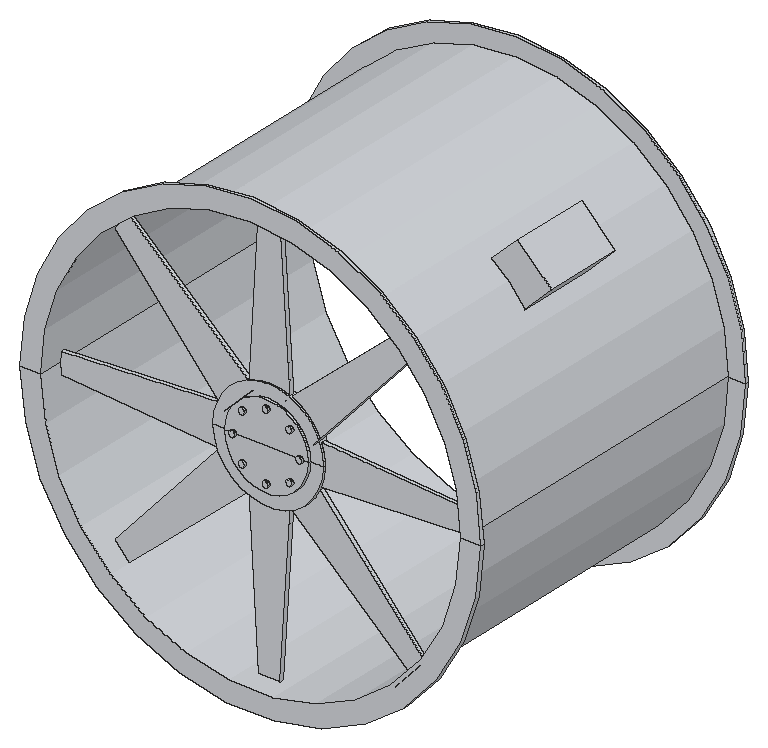
Revit family "CADS_Vent-Axia_MechEquip_Fan_LCA_710_3Ph4P - EXTRACT", category Mechanical Equipment, Revit 2020
Family settings
  Round Connector Dimension = Use Diameter
  Part Type = Normal
  OmniClass Number = 23.75.00.00
  OmniClass Title = Climate Control (HVAC)
  Work Plane-Based = No
  Always vertical = Yes
  Cut with Voids When Loaded = No
  Shared = No
  Room Calculation Point = No
Parameters (values of type "LCA713410")
  nr = NominalDiameter / 2  # 355 mm
  WorkingPressure = 0.0 Pa
  WarrantyStartDate [instance] = "1900-12-31T23:59:59"
  WarrantyPeriod = ""
  WarrantyIdentifier = "N/A"
  WarrantyGuarantorParts = "tech@vent-axia.com"
  WarrantyGuarantorLabor = "tech@vent-axia.com"
  WarrantyGuarantor = "Vent-Axia Limited"
  WarrantyEndDate [instance] = "1900-12-31T23:59:59"
  WarrantyContent = ""
  TemperatureRange = ""
  TagNumber [instance] = "N/A"
  SustainabilityPerformance = ""
  Status = "New"
  Size = ""
  Shape = ""
  ServiceLifeType = ""
  ServiceLifeDuration = ""
  SerialNumber [instance] = "N/A"
  ReplacementCost = ""
  RatedVoltage = 0 V
  RatedCurrent = 0 A
  Quantity = 1
  ProductionYear = ""
  PressureCurve = ""
  PowerFactor = ""
  PointOfContact = ""
  NumberOfPoles = 0
  NominalWidth = 710 mm
  NominalLength = 565 mm
  NominalHeight = 710 mm
  NominalFrequencyRange = ""
  NominalDiameter = 710 mm
  ModelReference = "LCAX 710mm 3PH 4P 10DEG"
  ModelNumber = "LCA713410"
  Material = ""
  ManufacturerE-Mail = "tech@vent-axia.com"
  ManufacturerAddress = "Fleming Way\nCrawley \nRH10 9YX"
  IsExtendedWarranty = no
  InsulationStandardClass = ""
  InstallationDate [instance] = "1900-12-31T23:59:59"
  IfcExportType [instance] = ""
  IfcExportAs = "IfcFanType"
  IP_Code = ""
  HasProtectiveEarth = no
  GrossWeight = 0.00 kg
  Grade = ""
  GlobalTradeItemNumber [instance] = "N/A"
  Fitting Type = "Ignore"
  Finish = ""
  Features = ""
  ExteriorInsulation = no
  ExpectedServiceLife = 0
  Exclusions = ""
  DurationUnit = "Year"
  Default Elevation = 0 mm
  Constituents = ""
  ConductorFunction = ""
  Color = ""
  CodePerformance = ""
  Category = ""
  CADS_Usage = 0
  CADS_Index = 0
  AssetType = "FIXED"
  AssetIdentifier [instance] = "N/A"
  AssemblyPlace = "UNKNOWN"
  ArticleNumber [instance] = "N/A"
  AirflowRateRange = 0.0 L/s
  Air Flow [instance] = 0.0 L/s
  AccessibilityPerformance = ""
Types (16, lengths in mm): name | ModelReference | ModelNumber
  LCA713410 | "LCAX 710mm 3PH 4P 10DEG" | "LCA713410"
  LCA713412 | "LCAX 710mm 3PH 4P 12DEG" | "LCA713412"
  LCA713414 | "LCAX 710mm 3PH 4P 14DEG" | "LCA713414"
  LCA713416 | "LCAX 710mm 3PH 4P 16DEG" | "LCA713416"
  LCA713418 | "LCAX 710mm 3PH 4P 18DEG" | "LCA713418"
  LCA713420 | "LCAX 710mm 3PH 4P 20DEG" | "LCA713420"
  LCA713422 | "LCAX 710mm 3PH 4P 22DEG" | "LCA713422"
  LCA713424 | "LCAX 710mm 3PH 4P 24DEG" | "LCA713424"
  LCA713426 | "LCAX 710mm 3PH 4P 26DEG" | "LCA713426"
  LCA713428 | "LCAX 710mm 3PH 4P 28DEG" | "LCA713428"
  LCA713430 | "LCAX 710mm 3PH 4P 30DEG" | "LCA713430"
  LCA713432 | "LCAX 710mm 3PH 4P 32DEG" | "LCA713432"
  LCA713434 | "LCAX 710mm 3PH 4P 34DEG" | "LCA713434"
  LCA713436 | "LCAX 710mm 3PH 4P 36DEG" | "LCA713436"
  LCA713438 | "LCAX 710mm 3PH 4P 38DEG" | "LCA713438"
  LCA713440 | "LCAX 710mm 3PH 4P 40DEG" | "LCA713440"
Reference planes
  plane 1 "Center (Front/Back)": y = 0
  plane 2: z = 0
  plane 3 "Center (Left/Right)": x = 0
  plane 4: x = -355
  plane 5: x = 355
  plane 6 "F": y = -282.5
  plane 7 "B": y = 282.5
  plane 8: x = -390
  plane 9: y = 277.5
  plane 10: y = -277.5
  plane 11: x = -360
  plane 12: y = -242.5
  plane 13 "top": z = 355
  plane 14: z = -355
  plane 15 "45deg": through (0, -1524, 0) normal (-0.7071, 0, -0.7071)
  plane 16 "C": through (0, -1524, 0) normal (-0.7071, 0, 0.7071)
Forms (mm)
  Revolve 1, solid
    sketch origin (0, 0, 0) x (1, 0, 0) y (0, 1, 0)
      loop
        line (-390, -282.5) -> (-355, -282.5) -> (-355, 282.5) -> (-390, 282.5) -> (-390, 277.5) -> (-360, 277.5) -> (-360, -277.5) -> (-390, -277.5) -> (-390, -282.5)
      axis (0, 282.5) -> (0, -282.5)
    angle from 0 to 360
  Sweep 2, solid
    path origin (0, 0, 0) x (1, 0, 0) y (0, 0, 1)
      loop
        line (251.023, 251.023) -> (296.985, 296.985)
    profile origin (274.004, 0, 274.004) x (-0.707107, 0, 0.707107) y (0, -1, 0)
      loop
        line (37.5, 55) -> (-42.73, 55) -> (-42.73, -79.5) -> (37.5, -79.5) -> (37.5, 55)
Dimensions and locks
  equal spacing: plane 4, plane 3 "Center (Left/Right)", plane 5
  equal spacing: plane 7 "B", plane 1 "Center (Front/Back)", plane 6 "F"
  "NominalLength": plane 7 "B" to plane 6 "F"
  "NominalDiameter": plane 4 to plane 5
  locked: plane 11 to plane 4 at 5
  locked: plane 8 to plane 11 at 30
  locked: plane 6 "F" to plane 10 at 5
  locked: plane 7 "B" to plane 9 at 5
  locked: plane 6 "F" to plane 12 at 40
  equal spacing: plane 13 "top", level, plane 14
  "NominalDiameter": plane 13 "top" to plane 14
  "nr": Sweep 2 sketch curve to nested 13
  Sweep 2 sketch curve to Sweep 2 sketch curve = 65 mm
  aligned and locked: level to plane 2
  aligned and locked: nested 1 to plane 12
Automatic sketch dimensions
  plane 6 "F" to Revolve 1 sketch curve = 0 mm
  Revolve 1 sketch curve to plane 8 = 0 mm  (x2)
  plane 10 to Revolve 1 sketch curve = 0 mm
  Revolve 1 sketch curve to plane 11 = 0 mm
  Revolve 1 sketch curve to plane 4 = 0 mm
  Revolve 1 sketch curve to plane 3 "Center (Left/Right)" = 0 mm
  plane 1 "Center (Front/Back)" to Revolve 1 sketch curve = 0 mm
  Revolve 1 sketch curve to plane 9 = 0 mm
  Revolve 1 sketch curve to plane 7 "B" = 0 mm
  plane 6 "F" to Revolve 1 sketch curve = 115 mm
  plane 1 "Center (Front/Back)" to Sweep 2 sketch curve = 55 mm
  Sweep 2 sketch curve to profile plane = 37.5 mm
  Sweep 2 sketch curve to Sweep 2 sketch curve = 80.23 mm
  Sweep 2 sketch curve to Sweep 2 sketch curve = 134.5 mm
  Sweep 2 sketch curve to plane 16 "C" = 0 mm  (x2)
Nested families
  nested 1: "Fan for ESC" at (0, -242.5, 0), ND <- "NominalDiameter", type "Fan for ESC"
    with hub 71 mm, ND 710 mm, BoltPCD 56.8 mm, Bolt Count 8, B_Diam 10 mm
  nested 2: "Bolts" at (0, -251.672, -56.8) x (-1, 0, 0) z (0, 1, 0), type "Bolts"
    with bd 10 mm
  nested 3: "Bolts" at (-40.164, -251.672, -40.164) x (-0.7071, 0, 0.7071) z (0, 1, 0), type "Bolts"
    with bd 10 mm
  nested 4: "Bolts" at (-56.8, -251.672, 0) x (0, 0, 1) z (0, 1, 0), type "Bolts"
    with bd 10 mm
  nested 5: "Bolts" at (-40.164, -251.672, 40.164) x (0.7071, 0, 0.7071) z (0, 1, 0), type "Bolts"
    with bd 10 mm
  nested 6: "Bolts" at (40.164, -251.672, 40.164) x (0.7071, 0, -0.7071) z (0, 1, 0), type "Bolts"
    with bd 10 mm
  nested 7: "Bolts" at (0, -251.672, 56.8) x (1, 0, 0) z (0, 1, 0), type "Bolts"
    with bd 10 mm
  nested 8: "ESC Blade" at (0, -242.5, 0), type "ESC Blade"
    with a 20.00°, HR 71 mm, HD 142 mm, BT 35.5 mm, BR 284 mm, BH 40 mm, BD 710 mm, BB 71 mm
  nested 9: "ESC Blade" at (0, -242.5, 0) x (0.7071, 0, -0.7071) z (0.7071, 0, 0.7071), type "ESC Blade"
    with a 20.00°, HR 71 mm, HD 142 mm, BT 35.5 mm, BR 284 mm, BH 40 mm, BD 710 mm, BB 71 mm
  nested 10: "ESC Blade" at (0, -242.5, 0) x (0, 0, -1) z (1, 0, 0), type "ESC Blade"
    with a 20.00°, HR 71 mm, HD 142 mm, BT 35.5 mm, BR 284 mm, BH 40 mm, BD 710 mm, BB 71 mm
  nested 11: "ESC Blade" at (0, -242.5, 0) x (-0.7071, 0, -0.7071) z (0.7071, 0, -0.7071), type "ESC Blade"
    with a 20.00°, HR 71 mm, HD 142 mm, BT 35.5 mm, BR 284 mm, BH 40 mm, BD 710 mm, BB 71 mm
  nested 12: "ESC Blade" at (0, -242.5, 0) x (-1, 0, 0) z (0, 0, -1), type "ESC Blade"
    with a 20.00°, HR 71 mm, HD 142 mm, BT 35.5 mm, BR 284 mm, BH 40 mm, BD 710 mm, BB 71 mm
  nested 13: "ESC Blade" at (0, -242.5, 0) x (-0.7071, 0, -0.7071) z (-0.7071, 0, 0.7071), type "ESC Blade"
    with a 20.00°, HR 71 mm, HD 142 mm, BT 35.5 mm, BR 284 mm, BH 40 mm, BD 710 mm, BB 71 mm
  nested 14: "ESC Blade" at (0, -242.5, 0) x (0, 0, -1) z (-1, 0, 0), type "ESC Blade"
    with a 20.00°, HR 71 mm, HD 142 mm, BT 35.5 mm, BR 284 mm, BH 40 mm, BD 710 mm, BB 71 mm
  nested 15: "ESC Blade" at (0, -242.5, 0) x (0.7071, 0, -0.7071) z (-0.7071, 0, -0.7071), type "ESC Blade"
    with a 20.00°, HR 71 mm, HD 142 mm, BT 35.5 mm, BR 284 mm, BH 40 mm, BD 710 mm, BB 71 mm
  nested 16: "Bolts" at (56.8, -251.672, 0) x (0, 0, -1) z (0, 1, 0), type "Bolts"
    with bd 10 mm
  nested 17: "Bolts" at (40.164, -251.672, -40.164) x (-0.7071, 0, -0.7071) z (0, 1, 0), type "Bolts"
    with bd 10 mm
Connectors
  hvac at (0, -282.5, 0), driven by "NominalDiameter", driven by "Air Flow"
    settings: on Revolve 1, index 1, duct flow 0.0 L/s, flow factor 0, pres drop 0.0 Pa, loss coef 0, conn angle 0.00°, conn width 304.8 mm, conn height 304.8 mm, conn diameter 710 mm, duct sys type 2, conn prof type 0, flow config 0, flow direction 1, loss method 0, conn ref index -1, conn util no, is conn primary yes, conn desc ""
  hvac at (0, 282.5, 0), driven by "NominalDiameter", driven by "Air Flow"
    settings: on Revolve 1, index 2, duct flow 0.0 L/s, flow factor 0, pres drop 0.0 Pa, loss coef 0, conn angle 0.00°, conn width 304.8 mm, conn height 304.8 mm, conn diameter 710 mm, duct sys type 3, conn prof type 0, flow config 1, flow direction 2, loss method 0, conn ref index -1, conn util no, is conn primary no, conn desc ""
Definition of nested family "Fan for ESC"
  Parameters (values of type "Fan for ESC")
    hub [instance] = ND / 10  # 56.7 mm
    ND [instance] = 567 mm
    Model = "."
    Default Elevation = 0 mm
    BoltPCD [instance] = hub - (hub * 0.2)  # 45.36 mm
    Bolt Count [instance] = if(hub < 50 mm, 6, 8)  # 8
    B_Diam [instance] = if(hub < 50 mm, 5 mm, 10 mm)  # 10 mm
  Reference planes
    plane 1 "Center (Front/Back)": y = 0
    plane 2: z = 0
    plane 3 "Center (Left/Right)": x = 0
    plane 4 "back": y = 20
    plane 5 "bolts": y = -9.172
    plane 6 "B": z = 56.7
    plane 7: x = -79.287
    plane 8: x = -56.7
    plane 9 "hubface": y = -6.172
  Forms (mm)
    Revolve 1, solid
      sketch origin (0, 0, 0) x (1, 0, 0) y (0, 1, 0)
        loop
          line (0, 20) -> (-56.7, 20) -> (-56.7, 10.504) -> (-79.287, 10.504) -> (-79.287, -2.597) -> (-56.7, -2.597) -> (-56.7, -6.172) -> (0, -6.172) -> (0, 20)
        axis (0, 20) -> (0, -6.172)
      angle from 0 to 360
    Extrusion 2, solid, not visible
      sketch origin (0, -6.347, -4) x (-1, 0, 0) y (0, 0, 1)
        loop
          circle (0, 84) r 5
      from 0 to 3
  Lines and regions (mm)
    symbolic lines
      curve 1: circle (0, -9.172, 0) r 45.36 normal (0, 1, 0)
    model lines, not visible
      curve 2: line (0, -6.347, 85) -> (0, -6.347, 75)
  Dimensions and locks
    "hub": plane 6 "B" to plane 2
    "hub": nested 3 to plane 3 "Center (Left/Right)"
    "hub": nested 4 to plane 3 "Center (Left/Right)"
    "hub": nested 5 to plane 3 "Center (Left/Right)"
    "hub": plane 3 "Center (Left/Right)" to nested 6
    "hub": Revolve 1 sketch curve to Revolve 1 sketch curve
    "hub": plane 3 "Center (Left/Right)" to nested 7
    "hub": plane 3 "Center (Left/Right)" to nested 8
    "hub": plane 3 "Center (Left/Right)" to nested 9
    "hub": plane 8 to plane 3 "Center (Left/Right)"
    plane 7 to plane 8 = 22.587 mm
    diameter of Extrusion 2 sketch curve = 10 mm
    "BoltPCD": radius of curve 1
    "BoltPCD": radius of radial array
    aligned and locked: level to plane 2
    aligned and locked: plane 6 "B" to nested 1
  Automatic sketch dimensions
    Revolve 1 sketch curve to plane 7 = 0 mm
    Revolve 1 sketch curve to plane 8 = 0 mm  (x2)
    Revolve 1 sketch curve to plane 3 "Center (Left/Right)" = 0 mm
    Revolve 1 sketch curve to plane 9 "hubface" = 0 mm
    plane 4 "back" to Revolve 1 sketch curve = 0 mm
    plane 1 "Center (Front/Back)" to Revolve 1 sketch curve = 2.597 mm
    plane 4 "back" to Revolve 1 sketch curve = 9.496 mm
    Revolve 1 sketch curve to Revolve 1 sketch curve = 5 mm
    Revolve 1 sketch curve to plane 4 "back" = 45 mm
    curve 1 to level = 0 mm
    curve 1 to plane 3 "Center (Left/Right)" = 0 mm
  Nested families
    nested 1: "ESC Blade" at (0, 0, 0), BD <- "ND", HD <- "hub", type "ESC Blade"
      with a 20.00°, HR 56.7 mm, HD 113.4 mm, BT 28.35 mm, BR 226.8 mm, BH 40 mm, BD 567 mm, BB 56.7 mm
    nested 2: "ESC Blade" at (0, 0, 755), BD <- "ND", HD <- "hub", type "ESC Blade", not visible
      with a 20.00°, HR 56.7 mm, HD 113.4 mm, BT 28.35 mm, BR 226.8 mm, BH 40 mm, BD 567 mm, BB 56.7 mm
    nested 3: "ESC Blade" at (0, 0, 0) x (0.7071, 0, -0.7071) z (0.7071, 0, 0.7071), BD <- "ND", HD <- "hub", type "ESC Blade"
      with a 20.00°, HR 56.7 mm, HD 113.4 mm, BT 28.35 mm, BR 226.8 mm, BH 40 mm, BD 567 mm, BB 56.7 mm
    nested 4: "ESC Blade" at (0, 0, 0) x (0, 0, -1) z (1, 0, 0), BD <- "ND", HD <- "hub", type "ESC Blade"
      with a 20.00°, HR 56.7 mm, HD 113.4 mm, BT 28.35 mm, BR 226.8 mm, BH 40 mm, BD 567 mm, BB 56.7 mm
    nested 5: "ESC Blade" at (0, 0, 0) x (-0.7071, 0, -0.7071) z (0.7071, 0, -0.7071), BD <- "ND", HD <- "hub", type "ESC Blade"
      with a 20.00°, HR 56.7 mm, HD 113.4 mm, BT 28.35 mm, BR 226.8 mm, BH 40 mm, BD 567 mm, BB 56.7 mm
    nested 6: "ESC Blade" at (0, 0, 0) x (-1, 0, 0) z (0, 0, -1), BD <- "ND", HD <- "hub", type "ESC Blade"
      with a 20.00°, HR 56.7 mm, HD 113.4 mm, BT 28.35 mm, BR 226.8 mm, BH 40 mm, BD 567 mm, BB 56.7 mm
    nested 7: "ESC Blade" at (0, 0, 0) x (-0.7071, 0, -0.7071) z (-0.7071, 0, 0.7071), BD <- "ND", HD <- "hub", type "ESC Blade"
      with a 20.00°, HR 56.7 mm, HD 113.4 mm, BT 28.35 mm, BR 226.8 mm, BH 40 mm, BD 567 mm, BB 56.7 mm
    nested 8: "ESC Blade" at (0, 0, 0) x (0, 0, -1) z (-1, 0, 0), BD <- "ND", HD <- "hub", type "ESC Blade"
      with a 20.00°, HR 56.7 mm, HD 113.4 mm, BT 28.35 mm, BR 226.8 mm, BH 40 mm, BD 567 mm, BB 56.7 mm
    nested 9: "ESC Blade" at (0, 0, 0) x (0.7071, 0, -0.7071) z (-0.7071, 0, -0.7071), BD <- "ND", HD <- "hub", type "ESC Blade"
      with a 20.00°, HR 56.7 mm, HD 113.4 mm, BT 28.35 mm, BR 226.8 mm, BH 40 mm, BD 567 mm, BB 56.7 mm
    nested 10: "Bolts" at (0, -9.172, 45.36) x (1, 0, 0) z (0, 1, 0), bd <- "B_Diam", type "Bolts"
      with bd 10 mm
    nested 11: "Bolts" at (32.074, -9.172, 32.074) x (0.7071, 0, -0.7071) z (0, 1, 0), bd <- "B_Diam", type "Bolts"
      with bd 10 mm
    nested 12: "Bolts" at (-32.074, -9.172, 32.074) x (0.7071, 0, 0.7071) z (0, 1, 0), bd <- "B_Diam", type "Bolts"
      with bd 10 mm
    nested 13: "Bolts" at (-45.36, -9.172, 0) x (0, 0, 1) z (0, 1, 0), bd <- "B_Diam", type "Bolts"
      with bd 10 mm
    nested 14: "Bolts" at (-32.074, -9.172, -32.074) x (-0.7071, 0, 0.7071) z (0, 1, 0), bd <- "B_Diam", type "Bolts"
      with bd 10 mm
    nested 15: "Bolts" at (0, -9.172, -45.36) x (-1, 0, 0) z (0, 1, 0), bd <- "B_Diam", type "Bolts"
      with bd 10 mm
    nested 16: "Bolts" at (32.074, -9.172, -32.074) x (-0.7071, 0, -0.7071) z (0, 1, 0), bd <- "B_Diam", type "Bolts"
      with bd 10 mm
    nested 17: "Bolts" at (45.36, -9.172, 0) x (0, 0, -1) z (0, 1, 0), bd <- "B_Diam", type "Bolts"
      with bd 10 mm
  Definition of nested family "ESC Blade"
    Parameters (values of type "ESC Blade")
      a [instance] = 20.00°
      HR [instance] = HD / 2  # 30 mm
      HD [instance] = BD / 5  # 60 mm
      Default Elevation = 1219.2 mm
      BT [instance] = BD / 20  # 15 mm
      BR [instance] = (BD / 2) - HR  # 120 mm
      BH [instance] = 40 mm
      BD [instance] = 300 mm
      BB [instance] = BD / 10  # 30 mm
    Reference planes
      plane 1 "Center (Front/Back)": y = 0
      plane 2: z = 0
      plane 3 "Center (Left/Right)": x = 0
      plane 4 "Blade Bot": z = 30
      plane 5: x = -15
      plane 6: x = 15
      plane 7: x = -7.5
      plane 8: x = 7.5
    Forms (mm)
      Blend 1, solid
        base sketch origin (0, 0, 30) x (-1, 0, 0) y (0, -1, 0)
          loop
            line (15, 0) -> (-15, 0) -> (-15, -6) -> (15, -6) -> (15, 0)
        top sketch origin (0, 0, 30) x (-1, 0, 0) y (0, -1, 0)
          loop
            line (7.5, -6) -> (7.5, 0) -> (-7.5, 0) -> (-7.5, -6) -> (7.5, -6)
        from 0 to 120 <- "BR"
    Dimensions and locks
      "HR": plane 4 "Blade Bot" to level
      equal spacing: plane 8, plane 3 "Center (Left/Right)", plane 7
      "BT": plane 8 to plane 7
      equal spacing: plane 6, plane 3 "Center (Left/Right)", plane 5
      "BB": plane 6 to plane 5
      aligned and locked: level to plane 2
    Automatic sketch dimensions
      plane 1 "Center (Front/Back)" to Blend 1 sketch curve = 0 mm  (x2)
      Blend 1 sketch curve to plane 6 = 0 mm
      Blend 1 sketch curve to plane 5 = 0 mm
      Blend 1 sketch curve to plane 1 "Center (Front/Back)" = 6 mm  (x2)
      Blend 1 sketch curve to plane 8 = 0 mm
      Blend 1 sketch curve to plane 7 = 0 mm
  Definition of nested family "Bolts"
    Parameters
      bd [instance] = 10 mm
      Default Elevation = 1219.2 mm
    Reference planes
      plane 1 "Center (Front/Back)": y = 0
      plane 2: z = 0
      plane 3 "Center (Left/Right)": x = 0
    Forms (mm)
      Extrusion 1, solid
        sketch origin (0, 0, 0) x (1, 0, 0) y (0, 1, 0)
          loop
            line (-1219.2, 1219.2) -> (-1219.2, -1219.2) -> (1219.2, -1219.2) -> (1219.2, 1219.2) -> (-1219.2, 1219.2)
        from 0 to -304.8
      Extrusion 2, solid
        sketch origin (0, 0, 0) x (1, 0, 0) y (0, 1, 0)
          loop
            circle (0, 0) r 5
        from 0 to 3
    Dimensions and locks
      "bd": diameter of Extrusion 2 sketch curve
      aligned and locked: plane 2 to Extrusion 1
      aligned and locked: level to Extrusion 1
    Automatic sketch dimensions
      Extrusion 1 sketch curve to Extrusion 1 sketch curve = 2438.4 mm  (x2)
      plane 1 "Center (Front/Back)" to Extrusion 2 sketch curve = 0 mm
      Extrusion 2 sketch curve to plane 3 "Center (Left/Right)" = 0 mm
Definition of nested family "Bolts"
  Parameters
    bd [instance] = 10 mm
    Default Elevation = 1219.2 mm
  Reference planes
    plane 1 "Center (Front/Back)": y = 0
    plane 2: z = 0
    plane 3 "Center (Left/Right)": x = 0
  Forms (mm)
    Extrusion 1, solid
      sketch origin (0, 0, 0) x (1, 0, 0) y (0, 1, 0)
        loop
          line (-1219.2, 1219.2) -> (-1219.2, -1219.2) -> (1219.2, -1219.2) -> (1219.2, 1219.2) -> (-1219.2, 1219.2)
      from 0 to -304.8
    Extrusion 2, solid
      sketch origin (0, 0, 0) x (1, 0, 0) y (0, 1, 0)
        loop
          circle (0, 0) r 5
      from 0 to 3
  Dimensions and locks
    "bd": diameter of Extrusion 2 sketch curve
    aligned and locked: plane 2 to Extrusion 1
    aligned and locked: level to Extrusion 1
  Automatic sketch dimensions
    Extrusion 1 sketch curve to Extrusion 1 sketch curve = 2438.4 mm  (x2)
    plane 1 "Center (Front/Back)" to Extrusion 2 sketch curve = 0 mm
    Extrusion 2 sketch curve to plane 3 "Center (Left/Right)" = 0 mm
Definition of nested family "ESC Blade"
  Parameters (values of type "ESC Blade")
    a [instance] = 20.00°
    HR [instance] = HD / 2  # 30 mm
    HD [instance] = BD / 5  # 60 mm
    Default Elevation = 1219.2 mm
    BT [instance] = BD / 20  # 15 mm
    BR [instance] = (BD / 2) - HR  # 120 mm
    BH [instance] = 40 mm
    BD [instance] = 300 mm
    BB [instance] = BD / 10  # 30 mm
  Reference planes
    plane 1 "Center (Front/Back)": y = 0
    plane 2: z = 0
    plane 3 "Center (Left/Right)": x = 0
    plane 4 "Blade Bot": z = 30
    plane 5: x = -15
    plane 6: x = 15
    plane 7: x = -7.5
    plane 8: x = 7.5
  Forms (mm)
    Blend 1, solid
      base sketch origin (0, 0, 30) x (-1, 0, 0) y (0, -1, 0)
        loop
          line (15, 0) -> (-15, 0) -> (-15, -6) -> (15, -6) -> (15, 0)
      top sketch origin (0, 0, 30) x (-1, 0, 0) y (0, -1, 0)
        loop
          line (7.5, -6) -> (7.5, 0) -> (-7.5, 0) -> (-7.5, -6) -> (7.5, -6)
      from 0 to 120 <- "BR"
  Dimensions and locks
    "HR": plane 4 "Blade Bot" to level
    equal spacing: plane 8, plane 3 "Center (Left/Right)", plane 7
    "BT": plane 8 to plane 7
    equal spacing: plane 6, plane 3 "Center (Left/Right)", plane 5
    "BB": plane 6 to plane 5
    aligned and locked: level to plane 2
  Automatic sketch dimensions
    plane 1 "Center (Front/Back)" to Blend 1 sketch curve = 0 mm  (x2)
    Blend 1 sketch curve to plane 6 = 0 mm
    Blend 1 sketch curve to plane 5 = 0 mm
    Blend 1 sketch curve to plane 1 "Center (Front/Back)" = 6 mm  (x2)
    Blend 1 sketch curve to plane 8 = 0 mm
    Blend 1 sketch curve to plane 7 = 0 mm
